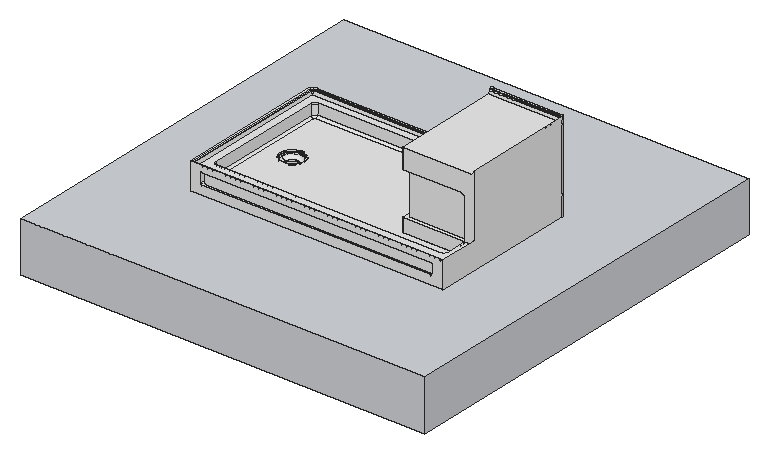
Revit family
Parameters (values of type "Acrylic-0-White")
  Width = 5' - 0"
  Waste Connection = yes
  WFU = 0
  URL = "http://www.us.kohler.com"
  Sanitary Radius = 1 1/2"
  Sanitary Diameter = Sanitary Radius * 2  # 3"
  Sanitary Connector = "Sanitary Connection"  # constant formula
  Product Page URL = "NA"
  Product Documentation Link = "NA"
  Model = "K-1979"  # constant formula
  Manufacturer = "Kohler"  # constant formula
  Length = 3' - 0"
  Height = 1' - 9 1/8"
  Finish = Acrylic-Kohler-0-White
  Description = "Tresham™ 60 inch x 36 inch Receptor with Integral Seat and Left Hand Drain"  # constant formula
  Default Elevation = 0' - 0"
  Created By = "http://www.medialab3dstudio.com/"
  Assembly Code = "D2010710"
  Actual Valve Water Flow = 0 GPM
  ADA Compliant = no
Reference planes (in)
  plane 1 "Center (Front/Back)": y = 0
  plane 2: z = 0
  plane 3 "Center (Left/Right)": x = 0
  plane 4 "Left": x = -30
  plane 5 "Right": x = 30
  plane 6 "Back": y = 16
  plane 7 "Top of Receptor": z = 6.25
  plane 8 "Top": z = 21.125
  plane 9: y = -1.125
  plane 10: x = -21
  plane 11: y = -1.125
  plane 12: x = -21
  plane 13 "Front": y = -20
  plane 14: y = -19.25
  plane 15: y = -19
  plane 16: y = -10.5
  plane 17: x = 12.5625
Forms (in)
  Extrusion 1, solid
    sketch origin (0, 0, 0) x (1, 0, 0) y (0, 1, 0)
      loop
        line (-48, 48) -> (-48, -48) -> (48, -48) -> (48, 48) -> (-48, 48)
    from 0 to -12
  Extrusion 2, solid, material "Acrylic-Kohler-0-White" <- "Finish"
    sketch origin (0, 0, 0) x (1, 0, 0) y (0, 1, 0)
      loop
        line (-30, -20) -> (30, -20) -> (30, 15.25)
        arc (30, 15.25) -> (29.78033, 15.78033) -> (29.25, 16) r 0.75
        line (29.25, 16) -> (-29.25, 16)
        arc (-29.25, 16) -> (-29.78033, 15.78033) -> (-30, 15.25) r 0.75
        line (-30, 15.25) -> (-30, -20)
    from 4.85296 to 5.0312
  Extrusion 3, void
    sketch origin (0, 0, 0) x (1, 0, 0) y (0, 1, 0)
      loop
        arc (27.51405, 12.54124) -> (27.22116, 13.24835) -> (26.51405, 13.54124) r 1
        line (26.51405, 13.54124) -> (-26.51405, 13.54124)
        arc (-26.51405, 13.54124) -> (-27.22116, 13.24835) -> (-27.51405, 12.54124) r 1
        line (-27.51405, 12.54124) -> (-27.51405, -15.5)
        arc (-27.51405, -15.5) -> (-27.22116, -16.20711) -> (-26.51405, -16.5) r 1
        line (-26.51405, -16.5) -> (26.51405, -16.5)
        arc (26.51405, -16.5) -> (27.22116, -16.20711) -> (27.51405, -15.5) r 1
        line (27.51405, -15.5) -> (27.51405, 12.54124)
    from 4.85296 to 5.0312
  Sweep 4, solid, material "Acrylic-Kohler-0-White" <- "Finish"
    path origin (0, 0, 0) x (1, 0, 0) y (0, 1, 0)
      loop
        arc (-27.51405, -15.5) -> (-27.22116, -16.20711) -> (-26.51405, -16.5) r 1
        line (-26.51405, -16.5) -> (26.51405, -16.5)
        arc (26.51405, -16.5) -> (27.22116, -16.20711) -> (27.51405, -15.5) r 1
        line (27.51405, -15.5) -> (27.51405, 12.54124)
        arc (27.51405, 12.54124) -> (27.22116, 13.24835) -> (26.51405, 13.54124) r 1
        line (26.51405, 13.54124) -> (-26.51405, 13.54124)
        arc (-26.51405, 13.54124) -> (-27.22116, 13.24835) -> (-27.51405, 12.54124) r 1
        line (-27.51405, 12.54124) -> (-27.51405, -15.5)
    profile origin (-27.51405, -1.47938, 0) x (-1, 0, 0) y (0, 0, 1)
      loop
        arc (0, 2.46751) -> (-0.14645, 2.11395) -> (-0.5, 1.96751) r 0.5
        line (-0.5, 1.96751) -> (-0.75, 1.96751) -> (-0.75, 1.84251) -> (-0.5, 1.84251)
        arc (-0.5, 1.84251) -> (-0.05806, 2.02557) -> (0.125, 2.46751) r 0.625
        line (0.125, 2.46751) -> (0.125, 5.0312) -> (0, 5.0312) -> (0, 2.46751)
  Extrusion 5, solid, material "Acrylic-Kohler-0-White" <- "Finish"
    sketch origin (0, 0, 0) x (1, 0, 0) y (0, 1, 0)
      loop
        arc (-26.76405, -15.5) -> (-26.69083, -15.67678) -> (-26.51405, -15.75) r 0.25
        line (-26.51405, -15.75) -> (26.51405, -15.75)
        arc (26.51405, -15.75) -> (26.69083, -15.67678) -> (26.76405, -15.5) r 0.25
        line (26.76405, -15.5) -> (26.76405, 12.54124)
        arc (26.76405, 12.54124) -> (26.69083, 12.71802) -> (26.51405, 12.79124) r 0.25
        line (26.51405, 12.79124) -> (-26.51405, 12.79124)
        arc (-26.51405, 12.79124) -> (-26.69083, 12.71802) -> (-26.76405, 12.54124) r 0.25
        line (-26.76405, 12.54124) -> (-26.76405, -15.5)
    from 1.84251 to 1.96751
  Extrusion 6, void
    sketch origin (-42, -2, 0) x (1, 0, 0) y (0, 1, 0)
      loop
        circle (21, 0.875) r 2.75
    from 1.84243 to 1.96751
  Revolve 7, solid, material "Acrylic-Kohler-0-White" <- "Finish"
    sketch origin (-42, -1.125, 0) x (1, 0, 0) y (0, 0, 1)
      loop
        line (23.75, 1.84251) -> (23.75, 1.59251)
        arc (23.75, 1.59251) -> (23.71245, 1.50186) -> (23.62181, 1.46432) r 0.12819
        arc (23.62181, 1.46432) -> (23.55682, 1.4374) -> (23.5299, 1.37241) r 0.09191
        arc (23.5299, 1.37241) -> (23.27458, 0.75601) -> (22.65818, 0.50069) r 0.87172
        line (22.65818, 0.50069) -> (22.49986, 0.50069) -> (22.49986, 0.37569) -> (22.65818, 0.37569)
        arc (22.65818, 0.37569) -> (23.35193, 0.65675) -> (23.65442, 1.34143) r 0.99672
        arc (23.65442, 1.34143) -> (23.81202, 1.4254) -> (23.875, 1.59251) r 0.25319
        line (23.875, 1.59251) -> (23.875, 1.84251) -> (23.75, 1.84251)
      axis (21, 1.84251) -> (21, 0.37569)
    angle from 0 to 360
  Extrusion 8, solid, material "Acrylic-Kohler-0-White" <- "Finish"
    sketch origin (0, 0, 0) x (1, 0, 0) y (0, 0, 1)
      loop
        line (-30, 4.85296) -> (-30, 0) -> (30, 0) -> (30, 4.85296) -> (-30, 4.85296)
    from 19 to 20
  Sweep 9, solid, material "Acrylic-Kohler-0-White" <- "Finish"
    path origin (0, 0, 0) x (1, 0, 0) y (0, 1, 0)
      loop
        line (30, -5.9375) -> (30, -20) -> (-30, -20) -> (-30, 15.25)
        arc (-30, 15.25) -> (-29.78033, 15.78033) -> (-29.25, 16) r 0.75
        line (-29.25, 16) -> (12.8125, 16)
    profile origin (30, -12.96875, 0) x (1, 0, 0) y (0, 0, 1)
      loop
        arc (-0.00006, 6.25076) -> (-0.1518, 6.1879) -> (-0.21465, 6.03616) r 0.21459
        arc (-0.21465, 6.03616) -> (-0.23691, 5.95721) -> (-0.29626, 5.90057) r 0.15542
        arc (-0.29626, 5.90057) -> (-0.38756, 5.82199) -> (-0.43679, 5.71204) r 0.27653
        line (-0.43679, 5.71204) -> (-0.5642, 5.03202) -> (-0.00006, 5.03202) -> (-0.00006, 6.25076)
  Extrusion 10, solid, material "Acrylic-Kohler-0-White" <- "Finish", not visible
    sketch origin (-42, -2, 0) x (1, 0, 0) y (0, 1, 0)
      loop
        circle (21, 0.875) r 1.5
    from 0.37569 to 0.50069
  Extrusion 11, void
    sketch origin (0, 0, 0) x (1, 0, 0) y (0, 0, 1)
      loop
        arc (27.01405, 1.96751) -> (27.36761, 2.11395) -> (27.51405, 2.46751) r 0.5
        line (27.51405, 2.46751) -> (27.51405, 4.85296) -> (-27.51405, 4.85296) -> (-27.51405, 2.46751)
        arc (-27.51405, 2.46751) -> (-27.36761, 2.11395) -> (-27.01405, 1.96751) r 0.5
        line (-27.01405, 1.96751) -> (27.01405, 1.96751)
    from 19.25 to 20
  Extrusion 12, solid, material "Acrylic-Kohler-0-White" <- "Finish"
    sketch origin (0, 0, 0) x (-1, 0, 0) y (0, -1, 0)
      loop
        arc (-30, -15.25) -> (-29.78033, -15.78033) -> (-29.25, -16) r 0.75
        line (-29.25, -16) -> (-12.5625, -16) -> (-12.5625, 10)
        arc (-12.5625, 10) -> (-12.70895, 10.35355) -> (-13.0625, 10.5) r 0.5
        line (-13.0625, 10.5) -> (-30, 10.5) -> (-30, -15.25)
    from 0 to 19.90632
  Sweep 13, solid, material "Acrylic-Kohler-0-White" <- "Finish"
    path origin (0, 0, 0) x (-1, 0, 0) y (0, 1, 0)
      loop
        line (-30, -10.5) -> (-30, 15.25)
        arc (-30, 15.25) -> (-29.78033, 15.78033) -> (-29.25, 16) r 0.75
        line (-29.25, 16) -> (-12.5625, 16)
    profile origin (30, 2.375, 0) x (-1, 0, 0) y (0, 0, 1)
      loop
        line (0, 21.125) -> (0, 19.90632) -> (0.56395, 19.90632) -> (0.43659, 20.58636)
        arc (0.43659, 20.58636) -> (0.38737, 20.69632) -> (0.29607, 20.77491) r 0.27656
        arc (0.29607, 20.77491) -> (0.23675, 20.83154) -> (0.21452, 20.91048) r 0.15538
        arc (0.21452, 20.91048) -> (0.15169, 21.06217) -> (0, 21.125) r 0.21452
  Extrusion 14, void
    sketch origin (0, 0, 0) x (-1, 0, 0) y (0, 0, -1)
      loop
        line (-27.51405, -5.0312) -> (-27.51405, -14.37817)
        arc (-27.51405, -14.37817) -> (-27.22116, -15.08528) -> (-26.51405, -15.37817) r 1
        line (-26.51405, -15.37817) -> (-12.5625, -15.37817) -> (-12.5625, -5.0312) -> (-27.51405, -5.0312)
    from 9.5 to 10.5
  Extrusion 15, void
    sketch origin (0, 0, 0) x (0, 1, 0) y (0, 0, -1)
      loop
        line (-10.5, -15.37817) -> (12.54124, -15.37817)
        arc (12.54124, -15.37817) -> (13.24835, -15.08528) -> (13.54124, -14.37817) r 1
        line (13.54124, -14.37817) -> (13.54124, -5.0312) -> (-10.5, -5.0312) -> (-10.5, -15.37817)
    from -13.5625 to -12.5625
  Extrusion 16, solid, material "Acrylic-Kohler-0-White" <- "Finish"
    sketch origin (0, 0, 0) x (0, 1, 0) y (0, 0, -1)
      loop
        line (-5.9375, -4.85296) -> (-5.9375, 0) -> (-19, 0) -> (-19, -4.85296) -> (-5.9375, -4.85296)
    from -30 to -29
Cuts and joins
  Extrusion 3, Extrusion 6, Extrusion 11, Extrusion 14, Extrusion 15 cuts Extrusion 2
  Extrusion 6, Extrusion 11, Extrusion 14, Extrusion 15 cuts Sweep 4
  Extrusion 6, Extrusion 11, Extrusion 14, Extrusion 15 cuts Extrusion 5
  Extrusion 11 cuts Revolve 7
  Extrusion 11, Extrusion 14, Extrusion 15 cuts Extrusion 8
  Extrusion 11, Extrusion 14, Extrusion 15 cuts Sweep 9
  Extrusion 14, Extrusion 15 cuts Extrusion 12
  joined: Extrusion 2, Sweep 4, Extrusion 5, Revolve 7, Extrusion 8, Sweep 9, Extrusion 12, Sweep 13, Extrusion 16
Lines and regions (in)
  Masking region 1, detail levels coarse
    outline origin (0, 0, 0) x (1, 0, 0) y (0, 1, 0)
      loop
        line (-30, 16) -> (-30, -20) -> (30, -20) -> (30, 16) -> (-30, 16)
  Masking region 2, detail levels medium+fine
    outline origin (0, 0, 0) x (1, 0, 0) y (0, 1, 0)
      loop
        arc (-29.25, 16) -> (-29.78033, 15.78033) -> (-30, 15.25) r 0.75
        line (-30, 15.25) -> (-30, -20) -> (30, -20) -> (30, 15.25)
        arc (30, 15.25) -> (29.78033, 15.78033) -> (29.25, 16) r 0.75
        line (29.25, 16) -> (-29.25, 16)
  Masking region 3, detail levels medium+fine
    outline origin (0, 0, 0) x (1, 0, 0) y (0, 1, 0)
      loop
        line (27.51405, -10.5) -> (13.0625, -10.5)
        arc (13.0625, -10.5) -> (12.70895, -10.35355) -> (12.5625, -10) r 0.5
        line (12.5625, -10) -> (12.5625, 13.54124) -> (-26.51405, 13.54124)
        arc (-26.51405, 13.54124) -> (-27.22116, 13.24835) -> (-27.51405, 12.54124) r 1
        line (-27.51405, 12.54124) -> (-27.51405, -15.5)
        arc (-27.51405, -15.5) -> (-27.22116, -16.20711) -> (-26.51405, -16.5) r 1
        line (-26.51405, -16.5) -> (26.51405, -16.5)
        arc (26.51405, -16.5) -> (27.22116, -16.20711) -> (27.51405, -15.5) r 1
        line (27.51405, -15.5) -> (27.51405, -10.5)
  Masking region 4, detail levels fine
    outline origin (-42, -2, 0) x (1, 0, 0) y (0, 1, 0)
      loop
        circle (21, 0.875) r 1.5
      loop
        circle (21, 0.875) r 2.875
  Masking region 5, detail levels coarse
    outline origin (0, 0, 0) x (1, 0, 0) y (0, 0, 1)
      loop
        line (-30, 21.125) -> (-30, 0) -> (30, 0) -> (30, 21.125) -> (-30, 21.125)
  Masking region 6, detail levels medium+fine
    outline origin (0, 0, 0) x (1, 0, 0) y (0, 0, 1)
      loop
        line (-30, 0) -> (30, 0) -> (30, 21.125) -> (12.5625, 21.125) -> (12.5625, 6.25) -> (-30, 6.25) -> (-30, 0)
  Masking region 7, detail levels fine
    outline origin (0, -20, 0) x (1, 0, 0) y (0, 0, 1)
      loop
        line (27.51405, 4.85296) -> (-27.51405, 4.85296) -> (-27.51405, 2.46751)
        arc (-27.51405, 2.46751) -> (-27.36761, 2.11395) -> (-27.01405, 1.96751) r 0.5
        line (-27.01405, 1.96751) -> (27.01405, 1.96751)
        arc (27.01405, 1.96751) -> (27.36761, 2.11395) -> (27.51405, 2.46751) r 0.5
        line (27.51405, 2.46751) -> (27.51405, 4.85296)
  Masking region 8, detail levels fine
    outline origin (0, 16, 0) x (1, 0, 0) y (0, 0, 1)
      loop
        line (-27.63905, 4.85296) -> (-27.63905, 2.46751)
        arc (-27.63905, 2.46751) -> (-27.456, 2.02557) -> (-27.01405, 1.84251) r 0.625
        line (-27.01405, 1.84251) -> (12.5625, 1.84251) -> (12.5625, 4.85296) -> (-27.63905, 4.85296)
  Masking region 9, detail levels coarse
    outline origin (0, 0, 0) x (0, 1, 0) y (0, 0, 1)
      loop
        line (-20, 21.125) -> (-20, 0) -> (16, 0) -> (16, 21.125) -> (-20, 21.125)
  Masking region 10, detail levels medium+fine
    outline origin (0, 0, 0) x (0, 1, 0) y (0, 0, 1)
      loop
        line (-10.5, 21.125) -> (-10.5, 6.2507) -> (-20, 6.2507) -> (-20, 0.0007) -> (16.00025, 0.0007) -> (16.00025, 21.125) -> (-10.5, 21.125)
  Masking region 11, detail levels fine
    outline origin (-30, 0, 0) x (0, 1, 0) y (0, 0, 1)
      loop
        line (-10.5, 15.37817) -> (-10.5, 6.25) -> (13.54124, 6.25) -> (13.54124, 14.37817)
        arc (13.54124, 14.37817) -> (13.24835, 15.08528) -> (12.54124, 15.37817) r 1
        line (12.54124, 15.37817) -> (-10.5, 15.37817)
  Masking region 12, detail levels fine
    outline origin (-30, 0, 0) x (0, 1, 0) y (0, 0, 1)
      loop
        line (13.66624, 2.46751) -> (13.66624, 4.85296) -> (-16.86328, 4.85296) -> (-16.86328, 2.46751)
        arc (-16.86328, 2.46751) -> (-16.68022, 2.02557) -> (-16.23828, 1.84251) r 0.625
        line (-16.23828, 1.84251) -> (13.04124, 1.84251)
        arc (13.04124, 1.84251) -> (13.48318, 2.02557) -> (13.66624, 2.46751) r 0.625
  Masking region 13, detail levels fine
    outline origin (0, -20, 0) x (1, 0, 0) y (0, 0, 1)
      loop
        line (12.5625, 15.37817) -> (12.5625, 6.2507) -> (27.51405, 6.2507) -> (27.51405, 14.37817)
        arc (27.51405, 14.37817) -> (27.22116, 15.08528) -> (26.51405, 15.37817) r 1
        line (26.51405, 15.37817) -> (12.5625, 15.37817)
  symbolic lines, style "Masking Lines", detail levels fine
    curve 1: line (12.5625, 13.54124, 0) -> (12.5625, 16, 0)
    curve 2: line (30, -10.5, 0) -> (27.51405, -10.5, 0)
    curve 3: line (-27.51405, -16, 6.2507) -> (-29.99975, -16, 6.2507)
    curve 4: line (-27.51405, -20, 4.85296) -> (-30, -20, 4.85296)
    curve 5: line (27.51405, -20, 4.85296) -> (30, -20, 4.85296)
    curve 6: line (-12.8125, 16, 6.2507) -> (-29.99975, 16, 6.2507)
    curve 7: line (12.5625, 16, 4.85296) -> (-29.99981, 16, 4.85296)
    curve 8: line (-30, -19, 4.85296) -> (-30, -19, 0)
    curve 9: line (-30, 15.56341, 20.58636) -> (-30, 15.43605, 19.90632)
    curve 10: arc (-30, 15.56341, 20.58636) -> (-30, 15.61263, 20.69632) -> (-30, 15.70393, 20.77491) r 0.27656
    curve 11: arc (-30, 15.70393, 20.77491) -> (-30, 15.76325, 20.83154) -> (-30, 15.78548, 20.91048) r 0.15538
    curve 12: arc (-30, 15.78548, 20.91048) -> (-30, 15.84831, 21.06217) -> (-30, 16, 21.125) r 0.21452
    curve 13: line (-30, 15.78548, 20.91048) -> (-30, -10.5, 20.91048)
    curve 14: line (-30, 15.70393, 20.77491) -> (-30, -10.5, 20.77491)
    curve 15: line (-30, 15.56341, 20.58636) -> (-30, -10.5, 20.58636)
    curve 16: line (30, -10.5, 6.2507) -> (30, -10.5, 4.85296)
    curve 17: line (-30, 13.54124, 6.25) -> (-30, 16.00025, 6.25)
    curve 18: line (-30, 1.75, 1.84251) -> (-30, 1.75, 1.59251)
    curve 19: arc (-30, 1.52942, 1.34143) -> (-30, 1.68702, 1.4254) -> (-30, 1.75, 1.59251) r 0.25319
    curve 20: line (-30, 0.5381, 0.37569) -> (-30, -2.7881, 0.37569)
    curve 21: arc (-30, 0.5381, 0.37569) -> (-30, 1.23008, 0.65703) -> (-30, 1.52942, 1.34143) r 0.99166
    curve 22: line (-30, -4, 1.84251) -> (-30, -4, 1.59251)
    curve 23: arc (-30, -3.77942, 1.34143) -> (-30, -3.93702, 1.4254) -> (-30, -4, 1.59251) r 0.25319
    curve 24: arc (-30, -2.7881, 0.37569) -> (-30, -3.48008, 0.65703) -> (-30, -3.77942, 1.34143) r 0.99166
    curve 25: line (-23.875, 16, 1.84251) -> (-23.875, 16, 1.63415)
    curve 26: arc (-23.65442, 16, 1.34143) -> (-23.8254, 16, 1.44205) -> (-23.875, 16, 1.63415) r 0.25897
    curve 27: arc (-23.65442, 16, 1.34143) -> (-23.29117, 16, 0.60279) -> (-22.5, 16, 0.37569) r 1.01591
    curve 28: line (-18.125, 16, 1.84251) -> (-18.125, 16, 1.63415)
    curve 29: arc (-18.34558, 16, 1.34143) -> (-18.1746, 16, 1.44205) -> (-18.125, 16, 1.63415) r 0.25897
    curve 30: arc (-18.34558, 16, 1.34143) -> (-18.70883, 16, 0.60279) -> (-19.5, 16, 0.37569) r 1.01591
    curve 31: line (-19.5, 16, 0.37569) -> (-22.5, 16, 0.37569)
    curve 32: line (13.5625, -20, 15.37817) -> (13.5625, -20, 6.25076)
    curve 33: line (12.5625, 0, 19.90632) -> (29.43605, 0, 19.90632)
    curve 34: line (29.43605, -20, 19.90632) -> (29.56341, -20, 20.58636)
    curve 35: arc (29.56341, -20, 20.58636) -> (29.61263, -20, 20.69632) -> (29.70393, -20, 20.77491) r 0.27656
    curve 36: arc (29.70393, -20, 20.77491) -> (29.76325, -20, 20.83154) -> (29.78548, -20, 20.91048) r 0.15538
    curve 37: arc (29.78548, -20, 20.91048) -> (29.84831, -20, 21.06217) -> (30, -20, 21.125) r 0.21452
    curve 38: line (12.5625, -20, 20.91048) -> (29.78548, -20, 20.91048)
    curve 39: line (12.5625, -20, 20.77491) -> (29.70393, -20, 20.77491)
    curve 40: line (12.5625, -20, 20.58636) -> (29.56341, -20, 20.58636)
    curve 41: line (-30, 13.66624, 4.85296) -> (-30, 16, 4.85296)
    curve 42: line (-30, -19, 4.85296) -> (-30, -11.86154, 4.85296)
    curve 43: line (30, -10.5, 4.85296) -> (30, -20, 4.85296)
    curve 44: line (12.5625, 16, 1.84251) -> (12.5625, 16, 0)
    curve 45: line (27.51405, -20, 6.2507) -> (29.99993, -20, 6.2507)
    curve 46: line (-30, -9.5, 15.37817) -> (-30, -9.5, 6.25076)
    curve 47: line (0, -10.5, 19.90632) -> (0, 15.43605, 19.90632)
    curve 48: line (30, 15.43605, 19.90632) -> (30, 16, 19.90632)
    curve 49: line (29.43605, 16, 19.90632) -> (30, 16, 19.90632)
Dimensions and locks (in)
  equal spacing: plane 4 "Left", plane 3 "Center (Left/Right)", plane 5 "Right"
  plane 1 "Center (Front/Back)" to plane 6 "Back" = 1' - 4"
  "Width": plane 4 "Left" to plane 5 "Right"
  "Height": plane 8 "Top" to plane 2
  "Length": plane 13 "Front" to plane 6 "Back"
  aligned and locked: plane 2 to Extrusion 1
  aligned and locked: level to Extrusion 1
  aligned and locked: Sweep 4 to Extrusion 6
  aligned and locked: plane 6 "Back" to Masking region 1 sketch curve
  aligned and locked: plane 4 "Left" to Masking region 1 sketch curve
  aligned and locked: Masking region 1 sketch curve to plane 5 "Right"
  aligned and locked: plane 6 "Back" to Masking region 2 sketch curve
  aligned and locked: plane 4 "Left" to Masking region 2 sketch curve
  aligned and locked: Masking region 2 sketch curve to plane 5 "Right"
  aligned and locked: plane 4 "Left" to Masking region 5 sketch curve
  aligned and locked: plane 8 "Top" to Masking region 5 sketch curve
  aligned and locked: Masking region 5 sketch curve to plane 5 "Right"
  aligned and locked: plane 2 to Masking region 5 sketch curve
  aligned and locked: plane 8 "Top" to Masking region 9 sketch curve
  aligned and locked: plane 2 to Masking region 9 sketch curve
Automatic sketch dimensions
  Extrusion 1 sketch curve to Extrusion 1 sketch curve = 8' - 0"  (x2)
  plane 9 to Extrusion 6 sketch curve = 0' - 0"
  Extrusion 6 sketch curve to plane 10 = 0' - 0"
  plane 11 to Extrusion 10 sketch curve = 0' - 0"
  Extrusion 10 sketch curve to plane 12 = 0' - 0"
  Masking region 4 sketch curve to Masking region 4 sketch curve = 0' - 0"  (x12)
  Masking region 4 sketch curve to plane 12 = 0' - 0"
  Masking region 4 sketch curve to plane 12 = 0' - 1 1/2"
  Masking region 4 sketch curve to Masking region 4 sketch curve = 0' - 1 3/8"
  plane 1 "Center (Front/Back)" to Masking region 4 sketch curve = 0' - 1 1/8"
  Extrusion 3 sketch curve to Extrusion 3 sketch curve = 0' - 1"  (x3)
  Extrusion 3 sketch curve to plane 5 "Right" = 0' - 3.48595"  (x2)
  plane 6 "Back" to Extrusion 3 sketch curve = 0' - 3.45876"
  Sweep 4 sketch curve to Sweep 4 sketch curve = 0' - 1"  (x3)
  Sweep 4 sketch curve to plane 5 "Right" = 0' - 3.48595"  (x2)
  plane 6 "Back" to Sweep 4 sketch curve = 0' - 3.45876"
  Sweep 4 sketch curve to Sweep 4 sketch curve = 0' - 0"  (x2)
  Sweep 4 sketch curve to profile plane = 0' - 0"
  Sweep 4 sketch curve to Sweep 4 sketch curve = 0' - 0 1/2"
  Sweep 4 sketch curve to Sweep 4 sketch curve = 0' - 0 1/4"
  Sweep 4 sketch curve to profile plane = 0' - 0 1/8"
  level to Sweep 4 sketch curve = 0' - 1.84251"
  Sweep 4 sketch curve to Sweep 4 sketch curve = 0' - 2.56369"
  Extrusion 5 sketch curve to Extrusion 5 sketch curve = 0' - 0 1/4"  (x3)
  Extrusion 5 sketch curve to plane 5 "Right" = 0' - 3.48595"  (x2)
  plane 6 "Back" to Extrusion 5 sketch curve = 0' - 3.45876"
  Revolve 7 sketch curve to Revolve 7 sketch curve = 0' - 0"  (x5)
  Revolve 7 sketch curve to plane 12 = 0' - 0"
  level to Revolve 7 sketch curve = 0' - 0.37569"
  plane 12 to Revolve 7 sketch curve = 0' - 1.49986"
  Revolve 7 sketch curve to Revolve 7 sketch curve = 0' - 0.15832"
  Revolve 7 sketch curve to Revolve 7 sketch curve = 0' - 0.87172"
  Revolve 7 sketch curve to Revolve 7 sketch curve = 0' - 0.09191"
  Revolve 7 sketch curve to Revolve 7 sketch curve = 0' - 0.03261"
  Revolve 7 sketch curve to Revolve 7 sketch curve = 0' - 0.12819"
  Revolve 7 sketch curve to Revolve 7 sketch curve = 0' - 0 1/8"  (x2)
  Revolve 7 sketch curve to level = 0' - 0.53249"
  Revolve 7 sketch curve to Revolve 7 sketch curve = 0' - 0 1/4"
  Revolve 7 sketch curve to Revolve 7 sketch curve = 0' - 0.5951"
  Extrusion 8 sketch curve to level = 0' - 0"
  Extrusion 8 sketch curve to plane 4 "Left" = 0' - 0"
  Extrusion 8 sketch curve to plane 5 "Right" = 0' - 0"
  plane 7 "Top of Receptor" to Extrusion 8 sketch curve = 0' - 1.39704"
  profile plane to Sweep 9 sketch curve = 0' - 0.5642"
  profile plane to Sweep 9 sketch curve = 0' - 0.43679"
  Sweep 9 sketch curve to Sweep 9 sketch curve = 0' - 0.06672"
  Sweep 9 sketch curve to Sweep 9 sketch curve = 0' - 0.07382"
  Sweep 9 sketch curve to Sweep 9 sketch curve = 0' - 0.15542"
  profile plane to Sweep 9 sketch curve = 0' - 0.16585"
  profile plane to Sweep 9 sketch curve = 0' - 0.00006"
  level to Sweep 9 sketch curve = 0' - 5.03202"
  Sweep 9 sketch curve to Sweep 9 sketch curve = 0' - 0.6247"
  Sweep 9 sketch curve to Sweep 9 sketch curve = 0' - 0.05532"
  Sweep 9 sketch curve to Sweep 9 sketch curve = 0' - 0.13559"
  Extrusion 11 sketch curve to Extrusion 11 sketch curve = 0' - 0 1/2"  (x2)
  Extrusion 11 sketch curve to plane 5 "Right" = 0' - 2.98595"
  level to Extrusion 11 sketch curve = 0' - 1.96751"
  plane 7 "Top of Receptor" to Extrusion 11 sketch curve = 0' - 1.39704"
  plane 8 "Top" to Masking region 10 sketch curve = 0' - 0"
  Masking region 10 sketch curve to plane 6 "Back" = 0' - 0.00025"
  Masking region 10 sketch curve to plane 7 "Top of Receptor" = 0' - 0.0007"
  level to Masking region 10 sketch curve = 0' - 0.0007"
  Extrusion 12 sketch curve to plane 5 "Right" = 0' - 0"
  plane 6 "Back" to Extrusion 12 sketch curve = 0' - 0"
  plane 5 "Right" to Extrusion 12 sketch curve = 0' - 0 3/4"
  Extrusion 12 sketch curve to plane 3 "Center (Left/Right)" = 1' - 1 1/16"
  Sweep 13 sketch curve to profile plane = 0' - 0"
  Sweep 13 sketch curve to profile plane = 0' - 0.16562"
  Sweep 13 sketch curve to Sweep 13 sketch curve = 0' - 0.21452"
  Sweep 13 sketch curve to Sweep 13 sketch curve = 0' - 0.08155"
  Sweep 13 sketch curve to Sweep 13 sketch curve = 0' - 0.15537"
  Sweep 13 sketch curve to Sweep 13 sketch curve = 0' - 0.14052"
  Sweep 13 sketch curve to profile plane = 0' - 0.56395"
  level to Sweep 13 sketch curve = 1' - 7.90632"
  Sweep 13 sketch curve to Sweep 13 sketch curve = 0' - 0.62473"
  Sweep 13 sketch curve to Sweep 13 sketch curve = 0' - 0.05531"
  Sweep 13 sketch curve to Sweep 13 sketch curve = 0' - 0.13557"
  Extrusion 14 sketch curve to plane 7 "Top of Receptor" = 0' - 1.2188"
  plane 5 "Right" to Extrusion 14 sketch curve = 0' - 2.48595"
  Extrusion 14 sketch curve to Extrusion 14 sketch curve = 0' - 1"
  Extrusion 14 sketch curve to Extrusion 14 sketch curve = 0' - 0"
  Extrusion 14 sketch curve to plane 3 "Center (Left/Right)" = 1' - 0 9/16"
  Extrusion 14 sketch curve to plane 8 "Top" = 0' - 6.74683"
  plane 6 "Back" to Extrusion 15 sketch curve = 0' - 3.45876"
  plane 7 "Top of Receptor" to Extrusion 15 sketch curve = 0' - 1.2188"
  plane 6 "Back" to Extrusion 15 sketch curve = 0' - 2.45876"
  plane 8 "Top" to Extrusion 15 sketch curve = 0' - 6.74683"
  Extrusion 16 sketch curve to level = 0' - 0"
  plane 7 "Top of Receptor" to Extrusion 16 sketch curve = 0' - 1.39704"
  plane 4 "Left" to Extrusion 3 sketch curve = 0' - 3.48595"
  plane 4 "Left" to Sweep 4 sketch curve = 0' - 3.48595"
  plane 4 "Left" to Extrusion 5 sketch curve = 0' - 3.48595"
  plane 4 "Left" to Extrusion 11 sketch curve = 0' - 2.98595"
  Masking region 12 sketch curve to Masking region 12 sketch curve = 0' - 0 5/8"  (x2)
  plane 6 "Back" to Masking region 12 sketch curve = 0' - 2.95876"
  level to Masking region 12 sketch curve = 0' - 1.84251"
  plane 7 "Top of Receptor" to Masking region 12 sketch curve = 0' - 1.39704"
  plane 4 "Left" to Masking region 3 sketch curve = 0' - 2.48595"
  Masking region 3 sketch curve to Masking region 3 sketch curve = 0' - 1"  (x2)
  plane 3 "Center (Left/Right)" to Masking region 3 sketch curve = 1' - 0 9/16"
  Masking region 3 sketch curve to plane 5 "Right" = 0' - 3.48595"
  Masking region 3 sketch curve to plane 5 "Right" = 0' - 2.48595"
  plane 6 "Back" to Masking region 3 sketch curve = 0' - 3.45876"
  plane 6 "Back" to curve 1 = 0' - 0"
  curve 2 to plane 5 "Right" = 0' - 0"
  curve 2 to plane 5 "Right" = 0' - 2.48595"
  plane 6 "Back" to curve 1 = 0' - 2.45876"
  plane 3 "Center (Left/Right)" to curve 1 = 1' - 0 9/16"
  Extrusion 16 sketch curve to Extrusion 16 sketch curve = 1' - 1 1/16"
  plane 1 "Center (Front/Back)" to curve 2 = 0' - 10 1/2"
  Extrusion 3 sketch curve to plane 13 "Front" = 0' - 4 1/2"
  Sweep 4 sketch curve to plane 13 "Front" = 0' - 4 1/2"
  Extrusion 5 sketch curve to plane 13 "Front" = 0' - 4 1/2"
  Masking region 3 sketch curve to Masking region 3 sketch curve = 0' - 0 1/2"
  plane 1 "Center (Front/Back)" to Masking region 3 sketch curve = 0' - 10"
  Masking region 3 sketch curve to plane 13 "Front" = 0' - 4 1/2"
  plane 1 "Center (Front/Back)" to Masking region 10 sketch curve = 0' - 10 1/2"
  Masking region 10 sketch curve to plane 13 "Front" = 0' - 0"
  Masking region 12 sketch curve to plane 13 "Front" = 0' - 3 195/256"
  Extrusion 12 sketch curve to plane 3 "Center (Left/Right)" = 1' - 0 9/16"
  Extrusion 12 sketch curve to plane 1 "Center (Front/Back)" = 0' - 10"
  plane 1 "Center (Front/Back)" to Extrusion 15 sketch curve = 0' - 10 1/2"
  Extrusion 16 sketch curve to plane 13 "Front" = 0' - 1"
  Sweep 9 sketch curve to plane 4 "Left" = 0' - 0"
  plane 6 "Back" to Sweep 9 sketch curve = 0' - 0"
  Sweep 9 sketch curve to plane 5 "Right" = 0' - 0"
  plane 13 "Front" to Sweep 9 sketch curve = 0' - 0"
  plane 4 "Left" to Sweep 9 sketch curve = 0' - 0 3/4"
  plane 3 "Center (Left/Right)" to Sweep 9 sketch curve = 1' - 0 13/16"
  plane 1 "Center (Front/Back)" to Sweep 9 sketch curve = 0' - 5 15/16"
  Extrusion 2 sketch curve to plane 4 "Left" = 0' - 0"
  plane 6 "Back" to Extrusion 2 sketch curve = 0' - 0"
  Extrusion 2 sketch curve to plane 5 "Right" = 0' - 0"
  plane 13 "Front" to Extrusion 2 sketch curve = 0' - 0"
  Extrusion 2 sketch curve to Extrusion 2 sketch curve = 0' - 0 3/4"
  Extrusion 2 sketch curve to plane 5 "Right" = 0' - 0 3/4"
  plane 13 "Front" to Masking region 2 sketch curve = 0' - 0"
  plane 4 "Left" to Masking region 2 sketch curve = 0' - 0 3/4"
  Masking region 2 sketch curve to plane 5 "Right" = 0' - 0 3/4"
  plane 13 "Front" to Masking region 1 sketch curve = 0' - 0"
  Sweep 13 sketch curve to plane 5 "Right" = 0' - 0"
  plane 6 "Back" to Sweep 13 sketch curve = 0' - 0"
  plane 5 "Right" to Sweep 13 sketch curve = 0' - 0 3/4"
  Sweep 13 sketch curve to plane 3 "Center (Left/Right)" = 1' - 0 9/16"
  plane 15 to Sweep 13 sketch curve = 0' - 8 1/2"
  plane 7 "Top of Receptor" to curve 43 = 0' - 1.39704"
  plane 15 to curve 43 = 0' - 1"
  plane 1 "Center (Front/Back)" to curve 16 = 0' - 10 1/2"
  curve 16 to plane 7 "Top of Receptor" = 0' - 0.0007"
  plane 7 "Top of Receptor" to Masking region 11 sketch curve = 0' - 0"
  Masking region 11 sketch curve to plane 15 = 0' - 8 1/2"
  plane 6 "Back" to Masking region 11 sketch curve = 0' - 3.45876"
  plane 6 "Back" to Masking region 11 sketch curve = 0' - 2.45876"
  plane 8 "Top" to Masking region 11 sketch curve = 0' - 6.74683"
  Masking region 9 sketch curve to plane 13 "Front" = 0' - 0"
  Masking region 9 sketch curve to plane 6 "Back" = 0' - 0"
  Masking region 6 sketch curve to level = 0' - 0"
  Masking region 6 sketch curve to plane 4 "Left" = 0' - 0"
  Masking region 6 sketch curve to plane 8 "Top" = 0' - 0"
  Masking region 6 sketch curve to plane 7 "Top of Receptor" = 0' - 0"
  Masking region 6 sketch curve to plane 5 "Right" = 0' - 0"
  plane 3 "Center (Left/Right)" to Masking region 6 sketch curve = 1' - 0 9/16"
  plane 4 "Left" to Masking region 8 sketch curve = 0' - 2.36095"
  Masking region 8 sketch curve to Masking region 8 sketch curve = 0' - 0 5/8"
  level to Masking region 8 sketch curve = 0' - 1.84251"
  plane 3 "Center (Left/Right)" to Masking region 8 sketch curve = 1' - 0 9/16"
  plane 7 "Top of Receptor" to Masking region 8 sketch curve = 0' - 1.39704"
  plane 4 "Left" to curve 3 = 0' - 0.00025"
  curve 3 to plane 7 "Top of Receptor" = 0' - 0.0007"
  plane 4 "Left" to Masking region 7 sketch curve = 0' - 2.48595"
  Masking region 7 sketch curve to Masking region 7 sketch curve = 0' - 0 1/2"  (x2)
  Masking region 7 sketch curve to plane 5 "Right" = 0' - 2.98595"
  level to Masking region 7 sketch curve = 0' - 1.96751"
  plane 7 "Top of Receptor" to Masking region 7 sketch curve = 0' - 1.39704"
  curve 3 to curve 3 = 0' - 2.4857"
  plane 8 "Top" to Masking region 13 sketch curve = 0' - 5.74683"
  plane 3 "Center (Left/Right)" to Masking region 13 sketch curve = 1' - 0 9/16"
  Masking region 13 sketch curve to plane 5 "Right" = 0' - 3.48595"
  Masking region 13 sketch curve to plane 7 "Top of Receptor" = 0' - 0.0007"
  Masking region 13 sketch curve to plane 5 "Right" = 0' - 2.48595"
  curve 4 to plane 4 "Left" = 0' - 0"
  curve 5 to plane 5 "Right" = 0' - 0"
  curve 37 to plane 5 "Right" = 0' - 0"
  curve 37 to plane 8 "Top" = 0' - 0"
  plane 4 "Left" to curve 4 = 0' - 2.48595"
  plane 8 "Top" to curve 39 = 0' - 0.35009"
  plane 3 "Center (Left/Right)" to curve 39 = 1' - 0 9/16"
  curve 39 to curve 40 = 0' - 0"
  curve 38 to curve 39 = 0' - 0"
  curve 5 to curve 5 = 0' - 2.48595"
  curve 40 to plane 5 "Right" = 0' - 0.43659"
  curve 34 to curve 36 = 0' - 0.0667"
  curve 36 to curve 39 = 0' - 0.07382"
  curve 36 to curve 36 = 0' - 0.15537"
  curve 35 to plane 5 "Right" = 0' - 0.16562"
  curve 40 to curve 39 = 0' - 0.18856"
  curve 32 to plane 7 "Top of Receptor" = 0' - 0.00076"
  plane 7 "Top of Receptor" to curve 4 = 0' - 1.39704"
  plane 7 "Top of Receptor" to curve 5 = 0' - 1.39704"
  curve 44 to level = 0' - 0"
  plane 7 "Top of Receptor" to curve 7 = 0' - 1.39704"
  plane 3 "Center (Left/Right)" to curve 7 = 1' - 0 9/16"
  curve 7 to curve 44 = 0' - 0"
  curve 6 to plane 7 "Top of Receptor" = 0' - 0.0007"
  plane 12 to curve 6 = 0' - 8 3/16"
  level to curve 28 = 0' - 1.63415"
  plane 12 to curve 28 = 0' - 2 7/8"
  curve 30 to curve 28 = 0' - 0.22058"
  curve 29 to curve 30 = 0' - 0.03584"
  curve 30 to curve 29 = 0' - 0.97926"
  level to curve 30 = 0' - 0.37569"
  curve 30 to curve 30 = 0' - 0.13932"
  curve 31 to plane 12 = 0' - 1 1/2"
  curve 27 to curve 31 = 0' - 0.13932"
  curve 26 to curve 27 = 0' - 0.97926"
  curve 27 to curve 26 = 0' - 0.03584"
  curve 25 to curve 26 = 0' - 0.25642"
  plane 4 "Left" to curve 6 = 0' - 0.00025"
  plane 4 "Left" to curve 7 = 0' - 0.00019"
  curve 30 to curve 28 = 0' - 0.29272"
  level to curve 27 = 0' - 1.34143"
  curve 26 to curve 26 = 0' - 0.25648"
  curve 25 to curve 25 = 0' - 0.20836"
  level to curve 44 = 0' - 1.84251"
  curve 29 to curve 28 = 0' - 0.20836"
  curve 8 to plane 15 = 0' - 0"
  plane 7 "Top of Receptor" to curve 17 = 0' - 0"
  curve 12 to plane 6 "Back" = 0' - 0"
  curve 41 to plane 6 "Back" = 0' - 0"
  curve 8 to level = 0' - 0"
  plane 8 "Top" to curve 12 = 0' - 0"
  plane 7 "Top of Receptor" to curve 42 = 0' - 1.39704"
  curve 42 to plane 15 = 0' - 7.13846"
  plane 8 "Top" to curve 13 = 0' - 0.21452"
  curve 13 to plane 15 = 0' - 8 1/2"
  curve 14 to curve 13 = 0' - 0"
  curve 15 to curve 14 = 0' - 0"
  curve 46 to plane 7 "Top of Receptor" = 0' - 0.00076"
  curve 42 to curve 46 = 0' - 2.36154"
  level to curve 23 = 0' - 1.59251"
  plane 1 "Center (Front/Back)" to curve 23 = 0' - 4"
  curve 22 to curve 23 = 0' - 0.22058"
  curve 24 to curve 23 = 0' - 0.03261"
  level to curve 24 = 0' - 0.37569"
  curve 23 to curve 24 = 0' - 0.99132"
  curve 20 to plane 1 "Center (Front/Back)" = 0' - 0.5381"
  curve 21 to curve 19 = 0' - 0.95871"
  curve 19 to curve 19 = 0' - 0.03261"
  curve 19 to curve 18 = 0' - 0.25319"
  plane 6 "Back" to curve 17 = 0' - 2.45876"
  curve 17 to curve 41 = 0' - 0 1/8"
  curve 15 to curve 13 = 0' - 0.22207"
  curve 11 to curve 12 = 0' - 0.15537"
  curve 11 to curve 11 = 0' - 0.07382"
  plane 6 "Back" to curve 10 = 0' - 0.16562"
  curve 17 to plane 6 "Back" = 0' - 0.00025"
  level to curve 19 = 0' - 1.34143"
  curve 18 to curve 18 = 0' - 0 1/4"
  curve 23 to curve 22 = 0' - 0 1/4"
  plane 7 "Top of Receptor" to curve 41 = 0' - 1.39704"
  curve 46 to curve 13 = 0' - 5.53231"
  curve 10 to curve 13 = 0' - 0.37943"
  curve 10 to curve 9 = 0' - 0.05531"
  curve 45 to plane 7 "Top of Receptor" = 0' - 0.0007"
  curve 45 to curve 5 = 0' - 0"
  curve 45 to plane 5 "Right" = 0' - 0.00007"
  plane 6 "Back" to curve 9 = 0' - 0.56395"
  curve 9 to curve 9 = 0' - 0.68004"
  curve 48 to plane 6 "Back" = 0' - 0"
  plane 8 "Top" to curve 47 = 0' - 1.21868"
  curve 47 to plane 15 = 0' - 8 1/2"
  plane 6 "Back" to curve 47 = 0' - 0.56395"
  plane 6 "Back" to curve 48 = 0' - 0.56395"
  plane 8 "Top" to curve 48 = 0' - 1.21868"
  curve 49 to plane 5 "Right" = 0' - 0"
  curve 49 to curve 49 = 0' - 0.56395"
  plane 8 "Top" to curve 49 = 0' - 1.21868"
  plane 8 "Top" to curve 33 = 0' - 1.21868"
  plane 3 "Center (Left/Right)" to curve 33 = 1' - 0 9/16"
  curve 33 to plane 5 "Right" = 0' - 0.56395"
  curve 40 to curve 32 = 0' - 1"
  curve 34 to plane 5 "Right" = 0' - 0.56395"
  curve 32 to curve 40 = 0' - 5.20819"
  curve 34 to curve 35 = 0' - 0.68004"
  radius of Extrusion 6 sketch curve = 0' - 2 3/4"
  radius of Extrusion 10 sketch curve = 0' - 1 1/2"
Connectors (in)
  piping at (-21, -1.125, 0.37569), driven by "Actual Valve Water Flow", driven by "Sanitary Radius", driven by "Waste Connection", driven by "Sanitary Connector", driven by "WFU"
    settings: on Extrusion 10, index 1, connector radius 1 1/2", flow factor 0, pipe flow 0 GPM, pressure drop 0.00 psi, fitting loss kfactor 0, connector angle 0.00°, fixture units 0, flow configuration 3, flow direction 2, fitting loss method 0, system type 16, connector reference index -1, connector utility 1, adjustable connector yes, is connector primary yes, fitting loss table "", connector description "Sanitary Connection"
